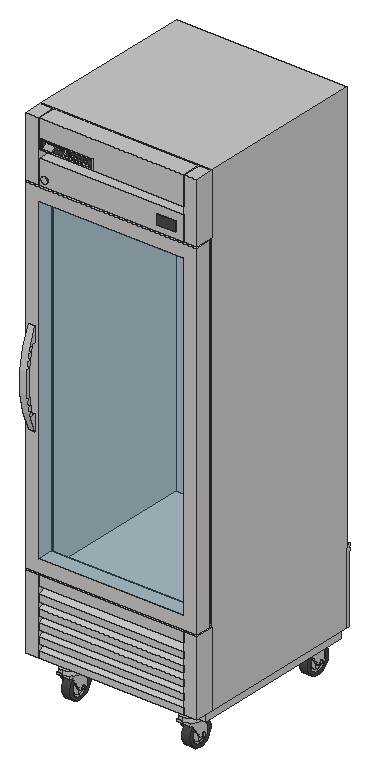
Revit family "QF_TRUE_TH-23G~FGD01", category Specialty Equipment, Revit 2015 (continued)
Definition of nested family "TH-23G-FGD01"
  Automatic sketch dimensions
    Extrusion 10 sketch curve to Extrusion 1 = 1/4"  (x2)
    Extrusion 10 sketch curve to Extrusion 10 sketch curve = 1 1/2"
    Extrusion 10 sketch curve to Extrusion 1 = 13 3/4"
    Extrusion 20 sketch curve to Extrusion 11 = 11 1/2"
    Extrusion 11 to Extrusion 20 sketch curve = 23 1/4"
    Extrusion 20 sketch curve to Extrusion 20 sketch curve = 1.62134"  (x2)
    Extrusion 20 sketch curve to Extrusion 11 = 1/4"  (x2)
    Extrusion 20 sketch curve to Extrusion 20 sketch curve = 1 1/2"
    Extrusion 20 sketch curve to Extrusion 11 = 13 3/4"
    Extrusion 5 sketch curve to Extrusion 5 sketch curve = 1.5775"
    Extrusion 5 sketch curve to Extrusion 5 sketch curve = 0.2834"
    Extrusion 5 sketch curve to Extrusion 5 sketch curve = 25 3/4"
    Extrusion 15 sketch curve to Extrusion 15 sketch curve = 1.5775"
    Extrusion 15 sketch curve to Extrusion 15 sketch curve = 0.2834"
    Extrusion 15 sketch curve to Extrusion 15 sketch curve = 25 3/4"
    Extrusion 5 sketch curve to plane 18 = 0"
    Extrusion 15 sketch curve to plane 19 = 0"
    Extrusion 23 sketch curve to plane 14 = 0"
    plane 15 to Extrusion 23 sketch curve = 0"
    Extrusion 23 sketch curve to plane 14 = 2 1/2"
    Extrusion 23 sketch curve to plane 15 = 2 1/2"
    Extrusion 23 sketch curve to Extrusion 23 sketch curve = 0"
    Extrusion 23 sketch curve to Extrusion 23 sketch curve = 0.60964"  (x2)
    Extrusion 23 sketch curve to Extrusion 23 sketch curve = 14.60983"
    Extrusion 23 sketch curve to Extrusion 23 sketch curve = 2.9401"
    Extrusion 26 sketch curve to plane 16 = 0"
    plane 17 to Extrusion 26 sketch curve = 0"
    Extrusion 26 sketch curve to plane 16 = 2 1/2"
    Extrusion 26 sketch curve to plane 17 = 2 1/2"
    Extrusion 26 sketch curve to Extrusion 26 sketch curve = 0"
    Extrusion 26 sketch curve to Extrusion 26 sketch curve = 0.60964"  (x2)
    Extrusion 26 sketch curve to Extrusion 26 sketch curve = 14.60983"
    Extrusion 26 sketch curve to Extrusion 26 sketch curve = 2.9401"
    curve 2 to plane 3 "LEFT" = 0"
    plane 5 "FRONT" to curve 11 = 0"
    curve 3 to plane 4 "RIGHT" = 0"
    plane 1 "BACK" to curve 5 = 0"
    curve 3 to plane 12 = 0"
    curve 10 to plane 3 "LEFT" = 0.2834"
    plane 4 "RIGHT" to curve 9 = 4.25181"
    plane 5 "FRONT" to curve 9 = 13.13367"
    plane 3 "LEFT" to curve 11 = 0.49075"
    plane 13 to curve 12 = 0.00013"
    curve 11 to curve 12 = 1.00925"
    plane 3 "LEFT" to curve 7 = 2"
    plane 4 "RIGHT" to curve 8 = 2"
    curve 10 to curve 6 = 3"
    Extrusion 6 sketch curve to Extrusion 1 = 0"  (x2)
    Extrusion 6 sketch curve to Extrusion 1 = 3/8"
    Extrusion 6 sketch curve to Extrusion 6 sketch curve = 10.68144"
    Extrusion 6 sketch curve to Extrusion 6 sketch curve = 0.34482"
    Extrusion 6 sketch curve to Extrusion 6 sketch curve = 0.3805"
    Extrusion 6 sketch curve to Extrusion 6 sketch curve = 0.16647"
    Extrusion 6 sketch curve to Extrusion 1 = 0.32496"
    Extrusion 6 sketch curve to Extrusion 6 sketch curve = 0.17678"
    Extrusion 6 sketch curve to Extrusion 6 sketch curve = 0.14819"
    Extrusion 6 sketch curve to Extrusion 6 sketch curve = 0"
    Extrusion 6 sketch curve to Extrusion 6 sketch curve = 3/32"
    Extrusion 6 sketch curve to Extrusion 6 sketch curve = 0.14379"
    Extrusion 16 sketch curve to Extrusion 11 = 0"  (x2)
    Extrusion 16 sketch curve to Extrusion 11 = 3/8"
    Extrusion 16 sketch curve to Extrusion 16 sketch curve = 10.68144"
    Extrusion 16 sketch curve to Extrusion 16 sketch curve = 0.34482"
    Extrusion 16 sketch curve to Extrusion 16 sketch curve = 0.3805"
    Extrusion 16 sketch curve to Extrusion 16 sketch curve = 0.16647"
    Extrusion 16 sketch curve to Extrusion 11 = 0.32496"
    Extrusion 16 sketch curve to Extrusion 16 sketch curve = 0.17678"
    Extrusion 16 sketch curve to Extrusion 16 sketch curve = 0.14819"
    Extrusion 16 sketch curve to Extrusion 16 sketch curve = 0"
    Extrusion 16 sketch curve to Extrusion 16 sketch curve = 3/32"
    Extrusion 16 sketch curve to Extrusion 16 sketch curve = 0.14379"
    Extrusion 31 sketch curve to Extrusion 31 sketch curve = 0"  (x3)
    Extrusion 31 sketch curve to plane 5 "FRONT" = 0.87227"
    Extrusion 31 sketch curve to Extrusion 31 sketch curve = 0.0075"
    Extrusion 31 sketch curve to Extrusion 31 sketch curve = 2.06523"
    plane 4 "RIGHT" to Extrusion 31 sketch curve = 0.13118"
    Extrusion 31 sketch curve to Extrusion 31 sketch curve = 0.04197"
    Extrusion 31 sketch curve to Extrusion 31 sketch curve = 0.42957"
    Extrusion 31 sketch curve to Extrusion 31 sketch curve = 0.94308"
    Extrusion 32 sketch curve to plane 5 "FRONT" = 0.87977"
    plane 4 "RIGHT" to Extrusion 32 sketch curve = 0.60272"
    Extrusion 33 sketch curve to plane 5 "FRONT" = 0.60875"
    plane 4 "RIGHT" to Extrusion 33 sketch curve = 3.85577"
    Extrusion 33 sketch curve to Extrusion 33 sketch curve = 0.37938"
    Extrusion 33 sketch curve to Extrusion 33 sketch curve = 1"
    Extrusion 33 sketch curve to Extrusion 33 sketch curve = 1.65026"
    Extrusion 33 sketch curve to Extrusion 33 sketch curve = 0.43546"
    Extrusion 33 sketch curve to Extrusion 33 sketch curve = 0.50522"
    Extrusion 33 sketch curve to plane 5 "FRONT" = 1.12558"
    Extrusion 33 sketch curve to Extrusion 33 sketch curve = 0.51683"
    Extrusion 33 sketch curve to Extrusion 33 sketch curve = 0.53428"
    Extrusion 34 sketch curve to plane 5 "FRONT" = 1.12558"
    plane 4 "RIGHT" to Extrusion 34 sketch curve = 3.47638"
    Extrusion 34 sketch curve to Extrusion 34 sketch curve = 1"
    Extrusion 34 sketch curve to Extrusion 34 sketch curve = 0"
    Extrusion 35 sketch curve to Extrusion 35 sketch curve = 0"  (x2)
    Extrusion 35 sketch curve to plane 5 "FRONT" = 1.11397"
    plane 4 "RIGHT" to Extrusion 35 sketch curve = 0.82613"
    Extrusion 35 sketch curve to Extrusion 35 sketch curve = 1/4"
    Extrusion 36 sketch curve to plane 5 "FRONT" = 0.58273"
    plane 4 "RIGHT" to Extrusion 36 sketch curve = 0.36983"
    Extrusion 36 sketch curve to Extrusion 36 sketch curve = 0.0411"
    Extrusion 36 sketch curve to Extrusion 36 sketch curve = 0.45494"
    Extrusion 36 sketch curve to plane 5 "FRONT" = 2 15/16"
    Extrusion 36 sketch curve to Extrusion 36 sketch curve = 0.91779"
    Extrusion 36 sketch curve to Extrusion 36 sketch curve = 0.54506"
    Extrusion 36 sketch curve to Extrusion 36 sketch curve = 17/32"
    radius of Extrusion 4 sketch curve = 1/2"
    radius of Extrusion 14 sketch curve = 1/2"
    radius of Extrusion 29 sketch curve = 1/4"
    radius of Extrusion 31 sketch curve = 1/4"
    radius of Extrusion 32 sketch curve = 1/4"
    radius of Extrusion 33 sketch curve = 1/4"  (x3)
    radius of Extrusion 34 sketch curve = 1/4"  (x2)
    radius of Extrusion 36 sketch curve = 1/4"
  Nested families (in)
    nested 1: "QF_LOGO_TRUE" at (2.5, -29.8125, 79.375), Show Logo <- "Show Logo", type "QF_LOGO_TRUE", detail levels medium+fine
      with Show Logo yes
  Definition of nested family "QF_LOGO_TRUE"
    Parameters (values of type "QF_LOGO_TRUE")
      Show Logo [instance] = yes
    Reference planes (in)
      plane 1 "Center (Front/Back)": y = 0
      plane 2: z = 0
      plane 3 "Center (Left/Right)": x = 0
    Forms (in)
      Extrusion 1, solid, visible <- "Show Logo", detail levels medium+fine
        sketch origin (-78.34647, 34.76905, -30.51001) x (1, 0, 0) y (0, 0, 1)
          loop
            line (81.15226, 31.65456) -> (81.07353, 31.48573) -> (82.12083, 31.48573)
            arc (82.12083, 31.48573) -> (82.14208, 31.44814) -> (82.12083, 31.41055) r 0.04386
            line (82.12083, 31.41055) -> (81.84767, 30.82478)
            arc (81.84767, 30.82478) -> (81.84531, 30.77052) -> (81.882, 30.73048) r 0.07096
            line (81.882, 30.73048) -> (82.55165, 30.73048)
            arc (82.55165, 30.73048) -> (82.63621, 30.75714) -> (82.69019, 30.82748) r 0.14742
            line (82.69019, 30.82748) -> (82.90515, 31.28847) -> (83.10265, 31.28847)
            arc (83.10265, 31.28847) -> (83.15447, 31.26942) -> (83.14697, 31.21472) r 0.04405
            line (83.14697, 31.21472) -> (82.9671, 30.82899)
            arc (82.9671, 30.82899) -> (82.9699, 30.76493) -> (83.02398, 30.73048) r 0.06943
            line (83.02398, 30.73048) -> (83.6124, 30.73048)
            arc (83.6124, 30.73048) -> (83.65748, 30.74689) -> (83.68147, 30.78844) r 0.07014
            arc (83.68147, 30.78844) -> (83.69845, 30.74745) -> (83.73943, 30.73048) r 0.05796
            line (83.73943, 30.73048) -> (84.112, 30.73048)
            arc (84.112, 30.73048) -> (84.15504, 30.74201) -> (84.18655, 30.77352) r 0.08608
            arc (84.18655, 30.77352) -> (84.20164, 30.7371) -> (84.23806, 30.72202) r 0.0515
            line (84.23806, 30.72202) -> (84.76757, 30.72202)
            arc (84.76757, 30.72202) -> (84.81086, 30.73995) -> (84.8288, 30.78324) r 0.06122
            arc (84.8288, 30.78324) -> (84.86848, 30.74355) -> (84.92269, 30.72903) r 0.10842
            line (84.92269, 30.72903) -> (85.91461, 30.72903) -> (86.02479, 30.91987) -> (85.0243, 30.91987)
            arc (85.0243, 30.91987) -> (84.99669, 30.93902) -> (84.99566, 30.97261) r 0.03732
            line (84.99566, 30.97261) -> (85.01297, 31.00972)
            arc (85.01297, 31.00972) -> (85.03954, 31.04453) -> (85.0813, 31.05774) r 0.07263
            line (85.0813, 31.05774) -> (85.40289, 31.05774)
            arc (85.40289, 31.05774) -> (85.4723, 31.07633) -> (85.52311, 31.12715) r 0.13882
            line (85.52311, 31.12715) -> (85.61625, 31.28847)
            arc (85.61625, 31.28847) -> (85.61625, 31.37458) -> (85.54168, 31.41763) r 0.08611
            line (85.54168, 31.41763) -> (85.20227, 31.41763)
            arc (85.20227, 31.41763) -> (85.11574, 31.40294) -> (85.05538, 31.33923) r 0.13863
            line (85.05538, 31.33923) -> (84.89409, 30.99333)
            arc (84.89409, 30.99333) -> (84.84649, 30.9313) -> (84.77191, 30.90778) r 0.13002
            line (84.77191, 30.90778) -> (84.41984, 30.90778)
            arc (84.41984, 30.90778) -> (84.3777, 30.95378) -> (84.38042, 31.0161) r 0.08151
            line (84.38042, 31.0161) -> (84.56766, 31.41763) -> (84.44849, 31.41763) -> (84.25012, 30.99222)
            arc (84.25012, 30.99222) -> (84.21158, 30.94199) -> (84.15119, 30.92296) r 0.10527
            line (84.15119, 30.92296) -> (83.90842, 30.92296)
            arc (83.90842, 30.92296) -> (83.8674, 30.97642) -> (83.87619, 31.04323) r 0.08805
            line (83.87619, 31.04323) -> (84.05078, 31.41763) -> (83.92772, 31.41763) -> (83.72676, 30.98668)
            arc (83.72676, 30.98668) -> (83.68011, 30.94003) -> (83.61639, 30.92296) r 0.12745
            line (83.61639, 30.92296) -> (83.26484, 30.92296)
            arc (83.26484, 30.92296) -> (83.2017, 30.9524) -> (83.19563, 31.0218) r 0.06967
            line (83.19563, 31.0218) -> (83.31118, 31.26961) -> (83.47452, 31.26961)
            arc (83.47452, 31.26961) -> (83.50209, 31.35268) -> (83.56075, 31.41763) r 0.21289
            line (83.56075, 31.41763) -> (82.92244, 31.41763)
            arc (82.92244, 31.41763) -> (82.85151, 31.40191) -> (82.80242, 31.34834) r 0.12081
            line (82.80242, 31.34834) -> (82.6294, 30.9773)
            arc (82.6294, 30.9773) -> (82.58962, 30.93752) -> (82.53528, 30.92296) r 0.10869
            line (82.53528, 30.92296) -> (82.1542, 30.92296)
            arc (82.1542, 30.92296) -> (82.12446, 30.96315) -> (82.13012, 31.01283) r 0.06822
            line (82.13012, 31.01283) -> (82.38156, 31.48573) -> (83.01596, 31.48573) -> (83.09469, 31.65456) -> (82.46029, 31.65456) -> (82.53902, 31.8234) -> (82.31334, 31.8234) -> (82.23461, 31.65456) -> (81.15226, 31.65456)
          loop
            arc (85.15937, 31.26434) -> (85.13191, 31.25698) -> (85.1118, 31.23688) r 0.05494
            line (85.1118, 31.23688) -> (85.09547, 31.18665)
            arc (85.09547, 31.18665) -> (85.10304, 31.16837) -> (85.12133, 31.16079) r 0.02586
            line (85.12133, 31.16079) -> (85.39889, 31.16079)
            arc (85.39889, 31.16079) -> (85.41888, 31.16523) -> (85.43513, 31.1777) r 0.04731
            line (85.43513, 31.1777) -> (85.44863, 31.2402)
            arc (85.44863, 31.2402) -> (85.44466, 31.25693) -> (85.42914, 31.26434) r 0.01994
            line (85.42914, 31.26434) -> (85.15937, 31.26434)
          loop
            line (78.62961, 30.74125) -> (80.12032, 30.74125) -> (80.73891, 31.81268) -> (79.2482, 31.81268) -> (78.62961, 30.74125)
        from 34.76797 to 34.83173
      Extrusion 2, solid, visible <- "Show Logo", detail levels medium+fine
        sketch origin (-142.84857, 34.75108, -33.3546) x (1, 0, 0) y (0, 0, 1)
          loop
            line (150.81107, 34.71978) -> (142.98607, 34.71978) -> (142.98607, 33.4921) -> (150.81107, 33.4921) -> (150.81107, 34.71978)
        from 34.75108 to 34.78125
      Extrusion 3, solid, visible <- "Show Logo", detail levels medium+fine
        sketch origin (-142.84857, 34.75108, -33.3546) x (1, 0, 0) y (0, 0, 1)
          loop
            line (150.94857, 34.85727) -> (142.84857, 34.85727) -> (142.84857, 33.3546) -> (150.94857, 33.3546) -> (150.94857, 34.85727)
          loop
            line (142.98607, 34.71978) -> (142.98607, 33.4921) -> (150.81107, 33.4921) -> (150.81107, 34.71978) -> (142.98607, 34.71978)
        from 34.75108 to 34.81376
      Extrusion 4, solid, not visible
        sketch origin (121.45701, -16.5, 4.98235) x (1, 0, 0) y (0, 0, 1)
          loop
            line (25.20115, 35.89949) -> (25.20115, 33.96647) -> (30.95381, 33.96647) -> (30.95381, 35.89949) -> (25.20115, 35.89949)
        from 31.5 to 31.54261
      Extrusion 5, solid, not visible
        sketch origin (121.45701, -16.5, 4.98235) x (1, 0, 0) y (0, 0, 1)
          loop
            line (26.7387, 34.95472) -> (26.61492, 34.49276) -> (27.038, 34.49276)
            arc (27.038, 34.49276) -> (27.13117, 34.52484) -> (27.18485, 34.60749) r 0.15134
            arc (27.18485, 34.60749) -> (27.20396, 34.68138) -> (27.22435, 34.75493) r 4.37326
            arc (27.22435, 34.75493) -> (27.23458, 34.81765) -> (27.22435, 34.88037) r 0.1974
            arc (27.22435, 34.88037) -> (27.18247, 34.93579) -> (27.11563, 34.95472) r 0.10914
            line (27.11563, 34.95472) -> (26.7387, 34.95472)
          loop
            line (26.90201, 34.80638) -> (26.84645, 34.59903) -> (26.92855, 34.59903)
            arc (26.92855, 34.59903) -> (26.98205, 34.6185) -> (27.01051, 34.6678) r 0.08322
            line (27.01051, 34.6678) -> (27.02399, 34.74424)
            arc (27.02399, 34.74424) -> (27.01491, 34.78454) -> (26.97985, 34.80638) r 0.05353
            line (26.97985, 34.80638) -> (26.90201, 34.80638)
          loop
            line (27.45336, 34.66131) -> (27.76233, 34.66131) -> (27.78859, 34.73909)
            arc (27.78859, 34.73909) -> (27.7878, 34.82039) -> (27.73107, 34.87864) r 0.10925
            arc (27.73107, 34.87864) -> (27.68233, 34.8944) -> (27.63139, 34.89974) r 0.24595
            line (27.63139, 34.89974) -> (27.46708, 34.89974)
            arc (27.46708, 34.89974) -> (27.4068, 34.88073) -> (27.3535, 34.84677) r 0.2421
            arc (27.3535, 34.84677) -> (27.2897, 34.76363) -> (27.26702, 34.66131) r 0.2421
            line (27.26702, 34.66131) -> (27.26702, 34.54477)
            arc (27.26702, 34.54477) -> (27.31618, 34.4956) -> (27.38334, 34.47761) r 0.13431
            line (27.38334, 34.47761) -> (27.59054, 34.47761)
            arc (27.59054, 34.47761) -> (27.63459, 34.48281) -> (27.67622, 34.49812) r 0.18924
            line (27.67622, 34.49812) -> (27.73102, 34.61563)
            arc (27.73102, 34.61563) -> (27.68453, 34.59565) -> (27.63566, 34.58252) r 0.35376
            arc (27.63566, 34.58252) -> (27.55885, 34.56956) -> (27.48204, 34.58252) r 0.23415
            arc (27.48204, 34.58252) -> (27.44492, 34.61362) -> (27.45336, 34.66131) r 0.04838
          loop
            line (27.4842, 34.73042) -> (27.62012, 34.73042) -> (27.62621, 34.76496)
            arc (27.62621, 34.76496) -> (27.58961, 34.80242) -> (27.53739, 34.80638) r 0.0742
            arc (27.53739, 34.80638) -> (27.49747, 34.77773) -> (27.4842, 34.73042) r 0.0742
          loop
            line (27.91616, 34.97572) -> (27.78675, 34.49276) -> (27.98645, 34.49276) -> (28.11586, 34.97572) -> (27.91616, 34.97572)
          loop
            line (28.13678, 34.66131) -> (28.08755, 34.47761) -> (28.27134, 34.47761) -> (28.32056, 34.66131) -> (28.43674, 34.66131) -> (28.47974, 34.78864) -> (28.36519, 34.78864)
            arc (28.36519, 34.78864) -> (28.35733, 34.81649) -> (28.36921, 34.84288) r 0.04231
            arc (28.36921, 34.84288) -> (28.431, 34.8652) -> (28.49617, 34.85686) r 0.13988
            line (28.49617, 34.85686) -> (28.53544, 34.97317)
            arc (28.53544, 34.97317) -> (28.39725, 34.99096) -> (28.25905, 34.97317) r 0.54546
            arc (28.25905, 34.97317) -> (28.20849, 34.91994) -> (28.18197, 34.85147) r 0.1894
            line (28.18197, 34.85147) -> (28.17089, 34.78864) -> (28.11397, 34.78864) -> (28.07985, 34.66131) -> (28.13678, 34.66131)
          loop
            arc (28.74846, 34.89756) -> (28.65884, 34.88533) -> (28.56922, 34.89756) r 0.33455
            line (28.56922, 34.89756) -> (28.45669, 34.47761) -> (28.63593, 34.47761) -> (28.74846, 34.89756)
          loop
            arc (28.60398, 35.01195) -> (28.57699, 34.97173) -> (28.60398, 34.9315) r 0.04347
            line (28.60398, 34.9315) -> (28.75755, 34.9315)
            arc (28.75755, 34.9315) -> (28.78645, 34.96687) -> (28.77911, 35.01195) r 0.0556
            line (28.77911, 35.01195) -> (28.60398, 35.01195)
          loop
            line (28.95336, 34.66131) -> (29.26233, 34.66131) -> (29.28859, 34.73909)
            arc (29.28859, 34.73909) -> (29.2878, 34.82039) -> (29.23107, 34.87864) r 0.10925
            arc (29.23107, 34.87864) -> (29.18233, 34.8944) -> (29.13139, 34.89974) r 0.24595
            line (29.13139, 34.89974) -> (28.96708, 34.89974)
            arc (28.96708, 34.89974) -> (28.9068, 34.88073) -> (28.8535, 34.84677) r 0.2421
            arc (28.8535, 34.84677) -> (28.7897, 34.76363) -> (28.76702, 34.66131) r 0.2421
            line (28.76702, 34.66131) -> (28.76702, 34.54477)
            arc (28.76702, 34.54477) -> (28.81618, 34.4956) -> (28.88334, 34.47761) r 0.13431
            line (28.88334, 34.47761) -> (29.09054, 34.47761)
            arc (29.09054, 34.47761) -> (29.13459, 34.48281) -> (29.17622, 34.49812) r 0.18924
            line (29.17622, 34.49812) -> (29.23102, 34.61563)
            arc (29.23102, 34.61563) -> (29.18453, 34.59565) -> (29.13566, 34.58252) r 0.35376
            arc (29.13566, 34.58252) -> (29.05885, 34.56956) -> (28.98204, 34.58252) r 0.23415
            arc (28.98204, 34.58252) -> (28.94492, 34.61362) -> (28.95336, 34.66131) r 0.04838
          loop
            line (28.9842, 34.73042) -> (29.12012, 34.73042) -> (29.12621, 34.76496)
            arc (29.12621, 34.76496) -> (29.08961, 34.80242) -> (29.03739, 34.80638) r 0.0742
            arc (29.03739, 34.80638) -> (28.99747, 34.77773) -> (28.9842, 34.73042) r 0.0742
          loop
            line (29.41616, 34.97572) -> (29.28675, 34.49276) -> (29.48645, 34.49276) -> (29.61586, 34.97572) -> (29.41616, 34.97572)
          loop
            line (29.99836, 34.97572) -> (29.95192, 34.80242)
            arc (29.95192, 34.80242) -> (29.94473, 34.85705) -> (29.90102, 34.89059) r 0.07199
            arc (29.90102, 34.89059) -> (29.80023, 34.89941) -> (29.70251, 34.87322) r 0.29131
            arc (29.70251, 34.87322) -> (29.61806, 34.7652) -> (29.5896, 34.63108) r 0.30433
            line (29.5896, 34.63108) -> (29.5896, 34.55572)
            arc (29.5896, 34.55572) -> (29.61075, 34.50463) -> (29.66184, 34.48348) r 0.07224
            line (29.66184, 34.48348) -> (29.78537, 34.48348)
            arc (29.78537, 34.48348) -> (29.83854, 34.51313) -> (29.88504, 34.55243) r 0.31609
            line (29.88504, 34.55243) -> (29.86905, 34.49276) -> (30.05973, 34.49276) -> (30.18914, 34.97572) -> (29.99836, 34.97572)
          loop
            arc (29.84537, 34.75931) -> (29.79424, 34.71128) -> (29.77745, 34.64317) r 0.12371
            arc (29.77745, 34.64317) -> (29.80071, 34.59901) -> (29.85056, 34.59647) r 0.05045
            arc (29.85056, 34.59647) -> (29.90141, 34.64047) -> (29.92536, 34.7033) r 0.13769
            arc (29.92536, 34.7033) -> (29.90211, 34.75521) -> (29.84537, 34.75931) r 0.05543
          loop
            line (26.45047, 35.26762) -> (26.58211, 35.26762)
            arc (26.58211, 35.26762) -> (26.60467, 35.30821) -> (26.62126, 35.35157) r 0.3277
            arc (26.62126, 35.35157) -> (26.62714, 35.39992) -> (26.60877, 35.44503) r 0.09693
            arc (26.60877, 35.44503) -> (26.56454, 35.48868) -> (26.50462, 35.50516) r 0.12312
            arc (26.50462, 35.50516) -> (26.44158, 35.50565) -> (26.37854, 35.50546) r 5.76967
            arc (26.37854, 35.50546) -> (26.07462, 35.42923) -> (25.81045, 35.26076) r 0.97743
            line (25.81045, 35.26076) -> (25.85921, 35.26076)
            arc (25.85921, 35.26076) -> (26.08494, 35.39361) -> (26.3396, 35.45485) r 0.88817
            arc (26.3396, 35.45485) -> (26.41429, 35.44188) -> (26.47267, 35.39352) r 0.14748
            arc (26.47267, 35.39352) -> (26.48041, 35.32725) -> (26.45047, 35.26762) r 0.11636
          loop
            arc (26.35412, 35.17841) -> (26.19578, 35.0555) -> (26.00982, 34.98069) r 0.72453
            arc (26.00982, 34.98069) -> (25.9036, 34.95581) -> (25.79459, 34.9604) r 0.40201
            arc (25.79459, 34.9604) -> (25.7275, 34.98819) -> (25.69972, 35.05528) r 0.09488
            arc (25.69972, 35.05528) -> (25.71867, 35.12629) -> (25.77049, 35.17841) r 0.1425
            line (25.77049, 35.17841) -> (25.73665, 35.18748)
            arc (25.73665, 35.18748) -> (25.67632, 35.09876) -> (25.66924, 34.99171) r 0.20432
            arc (25.66924, 34.99171) -> (25.71443, 34.9227) -> (25.79473, 34.90384) r 0.11116
            arc (25.79473, 34.90384) -> (25.91172, 34.89904) -> (26.02716, 34.91862) r 0.56145
            arc (26.02716, 34.91862) -> (26.27675, 35.021) -> (26.49584, 35.17841) r 1.15683
            line (26.49584, 35.17841) -> (26.35412, 35.17841)
        from 31.54261 to 31.56272
    Dimensions and locks (in)
      aligned and locked: level to plane 2
      aligned and locked: Extrusion 2 to Extrusion 3  (x2)
      aligned and locked: Extrusion 2 sketch curve to Extrusion 3
